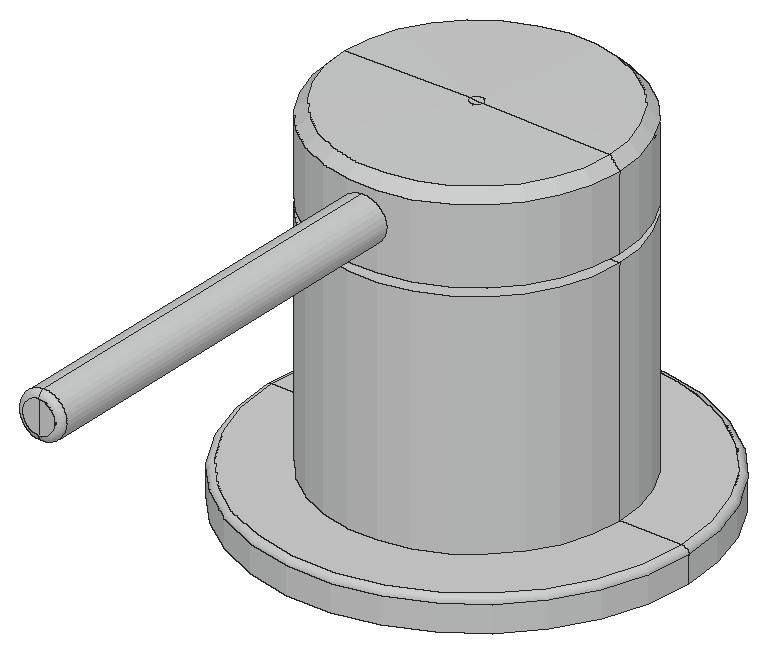
Revit family "MixerTap_Wall_Abey_Poco_FaceBased", category Plumbing Fixtures, host Face, Revit 2019
Family settings
  Host = Face
  Round Connector Dimension = Use Diameter
  Part Type = Normal
  OmniClass Number = 23.31.11.19
  OmniClass Title = Faucet Mixing Valves
  Cut with Voids When Loaded = Yes
  Shared = No
  Room Calculation Point = No
Parameters (values of type "6SH-EXT + 6SH-INT")
  Waste Connection = no
  Vent Connection = no
  Uniclass2015Version = "Products v1.28"
  Uniclass2015Title = "Taps and water supply outlet fittings"
  Uniclass2015Code = "Pr_40_20_87"
  URL = "https://www.abey.com.au/"
  Type Comments = "Chrome Finish"
  ModifiedIssue = 20230628
  Model = "6SH-EXT + 6SH-INT"
  Material = Metal_Abey_Chrome
  ManufacturerURLProductSpecific = "https://www.abey.com.au/product/bathroom/poco-shower-mixer/"
  ManufacturerSpecCode = Model  # "6SH-EXT + 6SH-INT"
  ManufacturerOverallWidth = 65 mm  # constant formula
  ManufacturerOverallHeight = 55 mm  # constant formula
  ManufacturerOverallDepth = 116.5 mm  # constant formula
  Manufacturer = "Abey"  # constant formula
  Keynote = ""
  IfcExportType = "DIVERTING"
  IfcExportAs = "IfcValve"
  HW Connection = yes
  Description = "Poco - Shower Mixer - Chrome"
  Default Elevation = 1050 mm
  CreatedBy = "IGS BIM Solutions"  # constant formula
  CreatedByURL = "https://igsgroup.com.au"
  CW Connection = yes
  Assembly Code = "C1030210"
Reference planes
  plane 1 "Center of base plate": y = -43.25
  plane 2 "Back": z = 0
  plane 3 "Center (Left/Right)": x = 20.57
  plane 4 "Bottom of Flange": y = -75.75
  plane 5 "Left": x = -11.93
  plane 6 "Right": x = 53.07
  plane 7 "Front": z = 55
  plane 8 "Back1": z = -64
  plane 9 "Top": y = -10.75
  plane 10 "Bottom": y = -127.25
Forms (mm)
  Extrusion 1, void
    sketch origin (0, 0, 0) x (1, 0, 0) y (0, 1, 0)
      loop
        circle (20.57, -43.25) r 32.5
    from 0 to -55
Text (mm)
  text "Disclaimer:\nDue to ongoing product development and manufacturing evolution, product details are subject to change without notice.\nPlease refer to product technical data sheets on the manufacturer's website for the most current product information. Please allow a +/- 5mm manufacturing tolerance for dimensions and set-outs shown in product literature." at (133.659, 10.015, 0), in view "Ref. Level_Instruction"
Dimensions and locks
  "ManufacturerOverallHeight": plane 7 "Front" to plane 2 "Back"
  equal spacing: plane 5 "Left", plane 3 "Center (Left/Right)", plane 6 "Right"
  "ManufacturerOverallWidth": plane 5 "Left" to plane 6 "Right"
  locked: plane 2 "Back" to plane 8 "Back1" at 64
  "ManufacturerOverallDepth": plane 10 "Bottom" to plane 9 "Top"
  locked: plane 10 "Bottom" to plane 4 "Bottom of Flange" at 51.5
  equal spacing: plane 4 "Bottom of Flange", plane 1 "Center of base plate", plane 9 "Top"
  aligned and locked: plane 2 "Back" to host face
  aligned and locked: level to host face
  aligned and locked: plane 1 "Center of base plate" to Extrusion 1 sketch curve
  aligned and locked: nested 1 to plane 1 "Center of base plate"
  aligned and locked: plane 3 "Center (Left/Right)" to nested 1
  aligned and locked: level to nested 1
Automatic sketch dimensions
  host sketch curve to host sketch curve = 65 mm  (x2)
  Extrusion 1 sketch curve to plane 3 "Center (Left/Right)" = 0 mm
  radius of Extrusion 1 sketch curve = 32.5 mm
Nested families
  nested 1: "z_PlumFix_Mixer_ABEY_Poco_Shower Mixer" at (-77.451, -43.25, -65.75) x (1, 0, 0) z (0, 1, 0), type "6SH-EXT + 6SH-INT"
Connectors
  piping at (34.32, -43.25, -1), diameter 12.7
    settings: on nested 1, index 1, connector inside diameter 24", connector length 0 mm, flow factor 0, pipe flow 0.00 L/s, pressure drop 0 kPa, fitting loss kfactor 0, connector angle 0.00°, fixture units 0, engagement length 0 mm, angle of deflection 0.00°, flow configuration 2, flow direction 1, fitting loss method 0, system type 20, joint type 0, gender type 0, connector reference index -1, connector utility 0, adjustable connector no, is connector primary yes, connector description "Cold Water Supply"
  piping at (6.82, -43.25, -1), diameter 12.7
    settings: on nested 1, index 2, connector inside diameter 24", connector length 0 mm, flow factor 0, pipe flow 0.00 L/s, pressure drop 0 kPa, fitting loss kfactor 0, connector angle 0.00°, fixture units 0, engagement length 0 mm, angle of deflection 0.00°, flow configuration 2, flow direction 1, fitting loss method 0, system type 19, joint type 0, gender type 0, connector reference index -1, connector utility 0, adjustable connector no, is connector primary no, connector description "Hot Water Supply"
Definition of nested family "z_PlumFix_Mixer_ABEY_Poco_Shower Mixer"
  Parameters (values of type "6SH-EXT + 6SH-INT")
    Waste Connection = no
    WFU = 0
    Vent Connection = no
    URL = ""
    Type Comments = ""
    ModifiedIssue = 0
    Model = ""
    ManufacturerURLProductSpecific = ""
    ManufacturerSpecCode = ""
    ManufacturerOverallWidth = 65 mm  # constant formula
    ManufacturerOverallHeight = 116.5 mm  # constant formula
    ManufacturerOverallDepth = 55 mm  # constant formula
    Manufacturer = ""
    Keynote = ""
    HWFU = 0
    HW Connection = yes
    Description = ""
    Default Elevation = 0 mm
    CreatedBy = "IGS BIM Solutions"  # constant formula
    CreatedByURL = "https://igsgroup.com.au"
    Cost = 0
    CWFU = 0
    CW Connection = yes
    BodyMaterial = none
    Assembly Code = ""
  Reference planes
    plane 1 "Ref. Level": z = 0
    plane 2 "Center (Left/Right)": x = 98.02
    plane 3 "Back": y = -65.75
    plane 4 "Left": x = 65.52
    plane 5 "Front": y = -120.75
    plane 6 "Right": x = 130.52
    plane 7 "Top": z = 32.5
    plane 8 "Center of base plate": z = 0
    plane 9 "Bottom": z = -84
    plane 10 "Bottom of Flange": z = -32.5
  Forms (mm)
    Revolve 1, solid, material <- "BodyMaterial"
      sketch origin (0, 0, 0) x (-1, 0, 0) y (0, -1, 0)
        loop
          line (-98.02, 65.75) -> (-65.52, 65.75) -> (-65.52, 69.75)
          arc (-65.52, 69.75) -> (-65.813, 70.457) -> (-66.52, 70.75) r 1
          line (-66.52, 70.75) -> (-98.02, 70.75) -> (-98.02, 65.75)
        axis (-98.02, 70.75) -> (-98.02, 65.75)
      angle from 0 to 360
    Revolve 2, solid, material <- "BodyMaterial"
      sketch origin (-189.564, -1524, 0) x (-1, 0, 0) y (0, -1, 0)
        loop
          line (-287.584, -1453.25) -> (-265.584, -1453.25) -> (-265.584, -1417.85) -> (-267.77, -1417.85) -> (-269.066, -1416.554) -> (-265.584, -1416.554) -> (-265.584, -1405.235) -> (-267.244, -1403.575)
          arc (-267.244, -1403.575) -> (-276.913, -1403.331) -> (-286.584, -1403.25) r 575.697
          line (-286.584, -1403.25) -> (-287.584, -1403.25) -> (-287.584, -1453.25)
        axis (-287.584, -1453.25) -> (-287.584, -1403.25)
      angle from 0 to 360
    Revolve 3, solid, material <- "BodyMaterial"
      sketch origin (98.02, 0, 0) x (0, 1, 0) y (0, 0, 1)
        loop
          line (-117.598, 0) -> (-117.598, -83)
          arc (-117.598, -83) -> (-117.305, -83.707) -> (-116.598, -84) r 1
          line (-116.598, -84) -> (-114.098, -84) -> (-114.098, 0) -> (-117.598, 0)
        axis (-114.098, 0) -> (-114.098, -84)
      angle from 0 to 360
    Extrusion 4, solid, material <- "BodyMaterial"
      sketch origin (-684.381, -65.75, 4000) x (-1, 0, 0) y (0, 0, -1)
        loop
          circle (-796.151, 4000) r 6.35
        loop
          circle (-768.651, 4000) r 6.35
      from 0 to -1
  Cuts and joins
    joined: Revolve 2, Revolve 3
  Lines and regions (mm)
    Masking region 1
      outline origin (0, 0, 32.5) x (-1, 0, 0) y (0, -1, 0)
        loop
          line (-65.52, 65.75) -> (-65.52, 69.75)
          arc (-65.52, 69.75) -> (-65.813, 70.457) -> (-66.52, 70.75) r 1
          line (-66.52, 70.75) -> (-76.02, 70.75) -> (-76.02, 106.15) -> (-78.206, 106.15) -> (-79.502, 107.446) -> (-76.02, 107.446) -> (-76.02, 118.765) -> (-77.68, 120.425)
          arc (-77.68, 120.425) -> (-98.02, 120.75) -> (-118.36, 120.425) r 636.754
          line (-118.36, 120.425) -> (-120.02, 118.765) -> (-120.02, 107.446) -> (-116.538, 107.446) -> (-117.834, 106.15) -> (-120.02, 106.15) -> (-120.02, 70.75) -> (-129.52, 70.75)
          arc (-129.52, 70.75) -> (-130.227, 70.457) -> (-130.52, 69.75) r 1
          line (-130.52, 69.75) -> (-130.52, 65.75) -> (-65.52, 65.75)
    symbolic lines, detail levels fine
      curve 1: circle (98.02, -120.75, 0) r 20.34 normal (0, -1, 0)
      curve 3: line (76.02, -118.765, 32.5) -> (120.02, -118.765, 32.5)
      curve 5: line (78.206, -106.15, 32.5) -> (117.834, -106.15, 32.5)
      curve 7: line (77.68, -120.425, 32.5) -> (118.36, -120.425, 32.5)
      curve 11: line (130.52, -106.15, -19.814) -> (130.52, -106.15, 19.814)
      curve 14: line (130.52, -118.765, 22) -> (130.52, -118.765, -22)
      curve 15: line (130.52, -120.425, -20.34) -> (130.52, -120.425, 20.34)
    symbolic lines, detail levels medium+fine
      curve 2: circle (98.02, -120.75, 0) r 22 normal (0, -1, 0)
      curve 4: line (79.502, -107.446, 32.5) -> (116.538, -107.446, 32.5)
      curve 6: line (76.02, -70.75, 32.5) -> (120.02, -70.75, 32.5)
      curve 8: line (94.52, -120.75, -32.311) -> (94.52, -120.75, -21.72)
      curve 9: line (101.52, -120.75, -32.311) -> (101.52, -120.75, -21.72)
      curve 10: line (130.52, -107.446, 18.518) -> (130.52, -107.446, -18.518)
      curve 12: line (130.52, -70.75, 22) -> (130.52, -70.75, -22)
      curve 13: arc (130.52, -117.598, -22) -> (130.52, -114.098, -21.693) -> (130.52, -110.598, -22) r 20.074
  Dimensions and locks
    "ManufacturerOverallDepth": plane 5 "Front" to plane 3 "Back"
    equal spacing: plane 4 "Left", plane 2 "Center (Left/Right)", plane 6 "Right"
    "ManufacturerOverallWidth": plane 4 "Left" to plane 6 "Right"
    "ManufacturerOverallHeight": plane 7 "Top" to plane 9 "Bottom"
    plane 8 "Center of base plate" to plane 1 "Ref. Level" = 0 mm
    locked: plane 10 "Bottom of Flange" to plane 9 "Bottom" at 51.5
    equal spacing: plane 7 "Top", plane 8 "Center of base plate", plane 10 "Bottom of Flange"
    aligned and locked: Revolve 1 sketch curve to plane 3 "Back"
    aligned and locked: plane 2 "Center (Left/Right)" to Revolve 1 sketch curve
    aligned and locked: Revolve 1 sketch curve to Revolve 1 sketch curve  (x2)
    aligned and locked: Revolve 2 sketch curve to plane 5 "Front"
    aligned and locked: Revolve 2 sketch curve to Revolve 2 sketch curve  (x2)
    aligned and locked: plane 8 "Center of base plate" to Extrusion 4 sketch curve  (x2)
    aligned and locked: plane 8 "Center of base plate" to Revolve 3 sketch curve
  Automatic sketch dimensions
    Revolve 1 sketch curve to plane 4 "Left" = 0 mm
    plane 3 "Back" to Revolve 1 sketch curve = 0 mm
    plane 4 "Left" to Revolve 1 sketch curve = 1 mm
    plane 3 "Back" to Revolve 1 sketch curve = 4 mm
    Revolve 3 sketch curve to plane 9 "Bottom" = 0 mm
    Revolve 3 sketch curve to plane 10 "Bottom of Flange" = 0 mm
    Revolve 3 sketch curve to plane 5 "Front" = 3.152 mm
    Revolve 3 sketch curve to Revolve 3 sketch curve = 1 mm
    Revolve 3 sketch curve to Revolve 3 sketch curve = 2.5 mm
    Revolve 3 sketch curve to Revolve 3 sketch curve = 0 mm
    Revolve 3 sketch curve to Revolve 3 sketch curve = 39.464 mm
    Extrusion 4 sketch curve to plane 2 "Center (Left/Right)" = 13.75 mm
    plane 2 "Center (Left/Right)" to Extrusion 4 sketch curve = 13.75 mm
    Revolve 2 sketch curve to plane 2 "Center (Left/Right)" = 0 mm
    plane 5 "Front" to Revolve 2 sketch curve = 0 mm
    Revolve 2 sketch curve to plane 2 "Center (Left/Right)" = 1 mm
    plane 4 "Left" to Revolve 2 sketch curve = 13.982 mm
    Revolve 2 sketch curve to Revolve 2 sketch curve = 1.296 mm  (x2)
    Revolve 2 sketch curve to plane 5 "Front" = 0.325 mm
    Revolve 2 sketch curve to Revolve 2 sketch curve = 1.822 mm
    Revolve 2 sketch curve to Revolve 2 sketch curve = 2.186 mm
    Revolve 2 sketch curve to Revolve 2 sketch curve = 0 mm
    plane 3 "Back" to Revolve 2 sketch curve = 5 mm
    Revolve 2 sketch curve to Revolve 2 sketch curve = 14.275 mm
    Revolve 2 sketch curve to plane 5 "Front" = 1.985 mm
    curve 1 to curve 2 = 0 mm  (x2)
    curve 2 to plane 2 "Center (Left/Right)" = 0 mm
    curve 2 to plane 8 "Center of base plate" = 0 mm
    curve 9 to plane 10 "Bottom of Flange" = 0.189 mm
    curve 9 to plane 2 "Center (Left/Right)" = 3.5 mm
    plane 2 "Center (Left/Right)" to curve 8 = 3.5 mm
    curve 9 to curve 9 = 10.591 mm
    curve 8 to plane 10 "Bottom of Flange" = 0.189 mm
    curve 13 to plane 5 "Front" = 6.652 mm
    curve 13 to plane 10 "Bottom of Flange" = 9.266 mm
    curve 13 to plane 5 "Front" = 3.152 mm
    curve 14 to curve 13 = 1.167 mm
    curve 15 to plane 5 "Front" = 0.325 mm
    curve 13 to curve 13 = 7 mm
    curve 13 to curve 10 = 3.152 mm
    curve 10 to curve 11 = 1.296 mm  (x2)
    plane 3 "Back" to curve 12 = 5 mm
    plane 10 "Bottom of Flange" to curve 13 = 10.5 mm
    plane 10 "Bottom of Flange" to curve 12 = 10.5 mm
    curve 14 to curve 13 = 0 mm
    curve 14 to curve 15 = 1.66 mm
    curve 13 to curve 11 = 2.186 mm
    curve 11 to curve 10 = 1.296 mm
    curve 10 to plane 7 "Top" = 13.982 mm
    curve 15 to plane 7 "Top" = 12.16 mm
    curve 12 to plane 7 "Top" = 10.5 mm
    curve 15 to curve 14 = 1.66 mm
    Masking region 1 sketch curve to plane 6 "Right" = 0 mm
    Masking region 1 sketch curve to plane 2 "Center (Left/Right)" = 0 mm
    Masking region 1 sketch curve to plane 4 "Left" = 0 mm
    plane 3 "Back" to Masking region 1 sketch curve = 0 mm
    Masking region 1 sketch curve to plane 6 "Right" = 1 mm
    Masking region 1 sketch curve to Masking region 1 sketch curve = 9.5 mm
    Masking region 1 sketch curve to Masking region 1 sketch curve = 0 mm
    Masking region 1 sketch curve to plane 5 "Front" = 0.325 mm  (x2)
    Masking region 1 sketch curve to Masking region 1 sketch curve = 1.66 mm  (x2)
    Masking region 1 sketch curve to Masking region 1 sketch curve = 2.186 mm
    Masking region 1 sketch curve to Masking region 1 sketch curve = 1.296 mm  (x4)
    plane 4 "Left" to Masking region 1 sketch curve = 13.982 mm
    Masking region 1 sketch curve to plane 5 "Front" = 1.985 mm  (x2)
    plane 3 "Back" to Masking region 1 sketch curve = 5 mm
    plane 4 "Left" to Masking region 1 sketch curve = 10.5 mm
    plane 4 "Left" to Masking region 1 sketch curve = 1 mm
    Masking region 1 sketch curve to plane 3 "Back" = 581.754 mm
    plane 3 "Back" to Masking region 1 sketch curve = 4 mm
    Masking region 1 sketch curve to Masking region 1 sketch curve = 14.275 mm
    Masking region 1 sketch curve to Masking region 1 sketch curve = 12.615 mm
    curve 3 to plane 5 "Front" = 1.985 mm
    curve 3 to plane 6 "Right" = 10.5 mm
    plane 3 "Back" to curve 6 = 5 mm
    curve 6 to plane 6 "Right" = 10.5 mm
    curve 7 to plane 5 "Front" = 0.325 mm
    curve 3 to curve 7 = 1.66 mm
    curve 5 to plane 6 "Right" = 12.686 mm
    curve 5 to curve 4 = 1.296 mm  (x2)
    plane 4 "Left" to curve 4 = 13.982 mm
    curve 4 to curve 5 = 1.296 mm
    plane 4 "Left" to curve 7 = 12.16 mm
    curve 7 to curve 3 = 1.66 mm
    plane 4 "Left" to curve 6 = 10.5 mm
    curve 4 to curve 3 = 11.319 mm
    radius of Extrusion 4 sketch curve = 6.35 mm  (x2)
    radius of curve 1 = 20.34 mm
